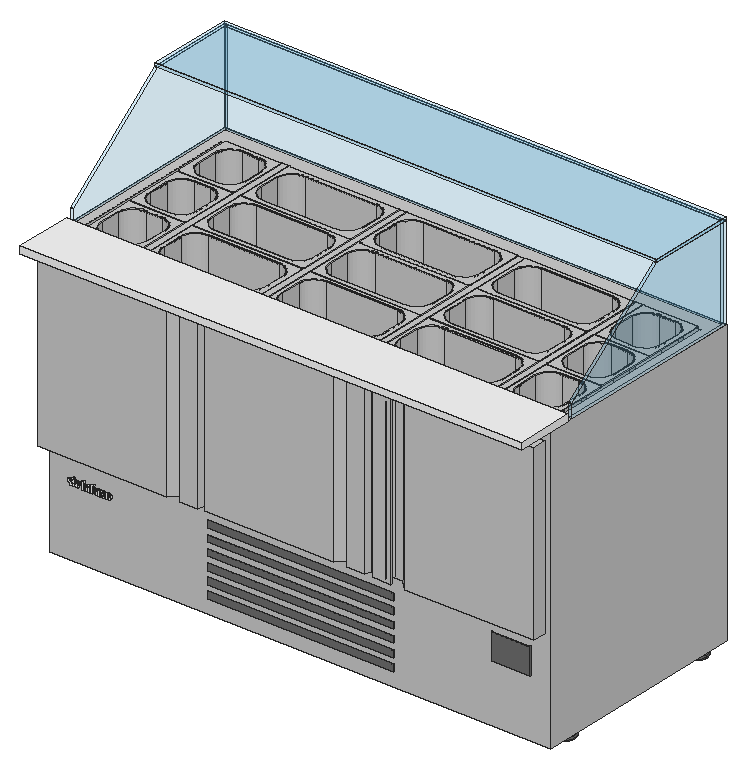
Revit family "QF_INFRICO_ME1003KB_250813092744", category Specialty Equipment, Revit 2021
Family settings
  Round Connector Dimension = Use Diameter
  Part Type = Normal
  OmniClass Number = 23.40.40.14
  OmniClass Title = Food Service Equipment
  Work Plane-Based = No
  Always vertical = Yes
  Cut with Voids When Loaded = No
  Shared = No
  Room Calculation Point = No
Parameters (values of type "ME1003KB-R290")
  Weight [instance] = 194.00 kg
  Waste Water Discharge Temperature [instance] = 0 °C
  Waste Remarks [instance] = ""
  Warranty Start Date [instance] = ""
  Warranty Duration [instance] = ""
  Volts [instance] = 230 V
  Volt Free Conn [instance] = no
  URL Recommended Spares List [instance] = ""
  URL Manufacturer [instance] = ""
  URL Cutsheet [instance] = ""
  URL Critical Spares List [instance] = ""
  URL = "www.infrico.com"
  Technical Documentation [instance] = ""
  Tag Number [instance] = ""
  Status [instance] = ""
  Start Up Current [instance] = 0 A
  Specification by User [instance] = ""
  Specification by Manufacturer [instance] = ""
  Sound Level [instance] = ""
  Show Logo [instance] = yes
  Show Clearances [instance] = yes
  Service Life Duration [instance] = ""
  Serial Number [instance] = ""
  Seismic Rating [instance] = ""
  SMACNA No [instance] = ""
  Revision Code [instance] = ""
  Revision [instance] = ""
  Production Year [instance] = ""
  Potential Equalisation [instance] = no
  Point Load [instance] = 0
  Plumbing Connection Type [instance] = ""
  Phase [instance] = 1
  Other Equipment Approvals [instance] = ""
  Operational Current [instance] = 0 A
  Number of Poles [instance] = 2
  No Load Power Draw [instance] = no
  NAFEM Spec ID Number [instance] = ""
  Model Warning [instance] = ""
  Model = "ME1003KB"
  Min Ckt Ampacity [instance] = 0 A
  Max Overcurrent Protection [instance] = 0 A
  Masterspec [instance] = ""
  Manufacturer = "INFRICO"
  Main switch integrated [instance] = no
  Length Actual [instance] = 1460 mm
  Item Number [instance] = ""
  Installed By [instance] = ""
  Installation Date [instance] = ""
  Indirect Waste Size [instance] = 19.05 mm
  Indirect Waste Remarks [instance] = ""
  Indirect Waste Flow [instance] = 0.0 L/s
  Indirect Waste Connection Type [instance] = ""
  Indirect Waste Connection Height [instance] = 0 mm
  Identify Quantity as Lot [instance] = no
  ID [instance] = ""
  Hygiene Approval [instance] = ""
  Height Actual [instance] = 1125 mm
  HP power [instance] = ""
  Furnished By [instance] = ""
  Foodservice Equipment Identifier [instance] = no
  FL Amps [instance] = 0 A
  Electrical Remarks [instance] = ""
  Electric power [instance] = 420 W
  Electric Connection Type [instance] = ""
  Elec Conn RI Height [instance] = 0 mm
  Elec Conn Connection Height [instance] = 0 mm
  ETL Approved [instance] = no
  Direct Waste Water Discharge Temperature [instance] = -273.15 °C
  Direct Waste Size [instance] = 19.05 mm
  Direct Waste RI Height [instance] = 0 mm
  Direct Waste Flow [instance] = 0.0 L/s
  Direct Waste Connection Height [instance] = 0 mm
  Description = "GN1/1 SALAD PREP REFRIGERATOR TABLE 700 SERIES - R290"
  Depth Actual [instance] = 700 mm
  Default Elevation = 0 mm
  Cycle [instance] = 50 Hz
  Cost = 0
  Connection to energy optimisation system [instance] = yes
  Conn Plug [instance] = ""
  Conn Conduit [instance] = no
  Centralized building control system with digital interface [instance] = ""
  CSI MasterFormat [instance] = ""
  CE Approved [instance] = no
  Barcode [instance] = 0
  Author [instance] = ""
  Asset Identifier [instance] = ""
  Apparent Power [instance] = 420 VA
  Accessory [instance] = no
Reference planes
  plane 1 "Center (Front/Back)": y = 0
  plane 2: z = 0
  plane 3 "Center (Left/Right)": x = 0
Forms (mm)
  Extrusion 1, solid, not visible
    sketch origin (487.024, -150.007, 304.015) x (1, 0, 0) y (0, 1, 0)
      loop
        line (-2, 2) -> (-2, -2) -> (2, -2) -> (2, 2) -> (-2, 2)
    from -2 to 2
  Extrusion 2, solid, not visible
    sketch origin (45.002, -152.007, 286.014) x (1, 0, 0) y (0, 1, 0)
      loop
        line (-2, 2) -> (-2, -2) -> (2, -2) -> (2, 2) -> (-2, 2)
    from -2 to 2
Dimensions and locks
  locked: nested 2 to Extrusion 1 at 2  (x2)
  locked: Extrusion 2 to nested 3
  locked: nested 3 to Extrusion 2 at 2
  aligned and locked: level to plane 2
Nested families
  nested 1: "QF_INFRICO_ME1003KB_2920" at (0, 0, 0), type "ME1003KB-R290"
    with Weight 194.00 kg, Warranty Start Date "", Warranty Duration "", URL Cutsheet "", Technical Documentation "", Tag Number "", Status "", Specification by User "", Specification by Manufacturer "", Sound Level "", Solid Fuel Type "", Show Logo yes, Show Clearances yes, Show Clearance yes, Service Life Duration "", Serial Number "", Seismic Rating "", SMACNA No "", Revision Code "", Revision "", Production Year "", Point Load 0, Other Equipment Approvals "", NAFEM Spec ID Number "", Model Warning "", Masterspec "", Length Actual 1460 mm, Item Number "", Installed By "", Installation Date "", Identify Quantity as Lot yes, ID "", Hygiene Approval "", Height Actual 1125 mm, Furnished By "", Foodservice Equipment Identifier yes, ETL Approved yes, Depth Actual 700 mm, CSI MasterFormat "", CE Approved no, Barcode "", Author "", Asset Identifier "", Accessory no
  nested 2: "CONN_POINT_DRAIN_2D___Generic_Annotation" at (487.024, -150.007, 302.015), type "CONN_POINT_DRAIN_2D___Generic_Annotation"
    with Onboard connection annotation symbol visibility yes
  nested 3: "CONN_POINT_ELE_2D___Generic_Annotation" at (45.002, -150.007, 286.014), type "CONN_POINT_ELE_2D___Generic_Annotation"
    with Onboard connection annotation symbol visibility yes
  nested 4: "QF_INFRICO_ME_DOOR_SX_5419" at (10, -638, 324), type "ME_DOOR_SX"
    with Weight 0.00 kg, Warranty Start Date "", Warranty Duration "", URL Cutsheet "", Technical Documentation "", Tag Number "", Status "", Specification by User "", Specification by Manufacturer "", Sound Level "", Solid Fuel Type "", Show Logo yes, Show Clearances yes, Show Clearance yes, Service Life Duration "", Serial Number "", Seismic Rating "", SMACNA No "", Revision Code "", Revision "", Production Year "", Point Load 0, Other Equipment Approvals "", NAFEM Spec ID Number "", Model Warning "", Masterspec "", Length Actual 472 mm, Item Number "", Installed By "", Installation Date "", Identify Quantity as Lot yes, ID "", Hygiene Approval "", Height Actual 502 mm, Furnished By "", Foodservice Equipment Identifier yes, ETL Approved yes, Depth Actual 57 mm, CSI MasterFormat "", CE Approved no, Barcode "", Author "", Asset Identifier "", Accessory yes
  nested 5: "QF_INFRICO_ME_DOOR_SX_6197" at (496, -638, 324), type "ME_DOOR_SX"
    with Weight 0.00 kg, Warranty Start Date "", Warranty Duration "", URL Cutsheet "", Technical Documentation "", Tag Number "", Status "", Specification by User "", Specification by Manufacturer "", Sound Level "", Solid Fuel Type "", Show Logo yes, Show Clearances yes, Show Clearance yes, Service Life Duration "", Serial Number "", Seismic Rating "", SMACNA No "", Revision Code "", Revision "", Production Year "", Point Load 0, Other Equipment Approvals "", NAFEM Spec ID Number "", Model Warning "", Masterspec "", Length Actual 472 mm, Item Number "", Installed By "", Installation Date "", Identify Quantity as Lot yes, ID "", Hygiene Approval "", Height Actual 502 mm, Furnished By "", Foodservice Equipment Identifier yes, ETL Approved yes, Depth Actual 57 mm, CSI MasterFormat "", CE Approved no, Barcode "", Author "", Asset Identifier "", Accessory yes
  nested 6: "QF_INFRICO_ME_DOOR_DX_6971" at (982, -638, 324), type "ME_DOOR_DX"
    with Weight 0.00 kg, Warranty Start Date "", Warranty Duration "", URL Cutsheet "", Technical Documentation "", Tag Number "", Status "", Specification by User "", Specification by Manufacturer "", Sound Level "", Solid Fuel Type "", Show Logo yes, Show Clearances yes, Show Clearance yes, Service Life Duration "", Serial Number "", Seismic Rating "", SMACNA No "", Revision Code "", Revision "", Production Year "", Point Load 0, Other Equipment Approvals "", NAFEM Spec ID Number "", Model Warning "", Masterspec "", Length Actual 472 mm, Item Number "", Installed By "", Installation Date "", Identify Quantity as Lot yes, ID "", Hygiene Approval "", Height Actual 502 mm, Furnished By "", Foodservice Equipment Identifier yes, ETL Approved yes, Depth Actual 57 mm, CSI MasterFormat "", CE Approved no, Barcode "", Author "", Asset Identifier "", Accessory yes
Connectors
  piping at (487.024, -150.007, 302.015), diameter 19.05, driven by "Indirect Waste Size", driven by "Direct Waste Flow"
    settings: on Extrusion 1, index 1, connector inside diameter 609.6 mm, connector length 0 mm, flow factor 0, pipe flow 0.0 L/s, pressure drop 0.0 Pa, fitting loss kfactor 0, connector angle 0.00°, fixture units 0, engagement length 0 mm, angle of deflection 0.00°, flow configuration 1, flow direction 2, fitting loss method 0, system type 16, joint type 0, gender type 0, connector reference index -1, connector utility 0, adjustable connector no, is connector primary yes, connector description "Waste connection for ME1003KB"
  electrical at (45.002, -150.007, 286.014), driven by "Apparent Power", driven by "Number of Poles", driven by "Volts"
    settings: on Extrusion 2, index 2, voltage 230 V, apparent load 0 VA, apparent load phase1 420 VA, apparent load phase2 0 VA, apparent load phase3 0 VA, power factor 1, load classification "Other", number of poles 2, system type 31, power factor state 1, is connector primary yes, connector utility no, sub classification motor no, connector description "Electrical connection for ME1003KB"
Definition of nested family "QF_INFRICO_ME1003KB_2920"
  Parameters (values of type "ME1003KB")
    Weight [instance] = 0.00 kg
    Warranty Start Date [instance] = ""
    Warranty Duration [instance] = ""
    URL Cutsheet [instance] = ""
    URL = "www.infrico.com"
    Technical Documentation [instance] = ""
    Tag Number [instance] = ""
    Status [instance] = ""
    Specification by User [instance] = ""
    Specification by Manufacturer [instance] = ""
    Sound Level [instance] = ""
    Solid Fuel Type [instance] = ""
    Show Logo [instance] = yes
    Show Clearances [instance] = yes
    Show Clearance [instance] = yes
    Service Life Duration [instance] = ""
    Serial Number [instance] = ""
    Seismic Rating [instance] = ""
    SMACNA No [instance] = ""
    Revision Code [instance] = ""
    Revision [instance] = ""
    Production Year [instance] = ""
    Point Load [instance] = 0
    Other Equipment Approvals [instance] = ""
    NAFEM Spec ID Number [instance] = ""
    Model Warning [instance] = ""
    Model = "ME1003KB"
    Masterspec [instance] = ""
    Manufacturer = "INFRICO"
    Length Actual [instance] = 0 mm
    Item Number [instance] = ""
    Installed By [instance] = ""
    Installation Date [instance] = ""
    Identify Quantity as Lot [instance] = yes
    ID [instance] = ""
    Hygiene Approval [instance] = ""
    Height Actual [instance] = 0 mm
    Furnished By [instance] = ""
    Foodservice Equipment Identifier [instance] = yes
    ETL Approved [instance] = yes
    Description = "GN1/1 SALAD PREP REFRIGERATOR TABLE 700 SERIES - R134A"
    Depth Actual [instance] = 0 mm
    Default Elevation = 0 mm
    CSI MasterFormat [instance] = ""
    CE Approved [instance] = yes
    Barcode [instance] = ""
    Author [instance] = ""
    Asset Identifier [instance] = ""
    Assembly Code = "E1090320"
    Accessory [instance] = yes
  Types (2, lengths in mm): name | Description
    ME1003KB | "GN1/1 SALAD PREP REFRIGERATOR TABLE 700 SERIES - R134A"
    ME1003KB-R290 | "GN1/1 SALAD PREP REFRIGERATOR TABLE 700 SERIES - R290"
  Reference planes
    plane 1 "Back": y = 0
    plane 2: z = 0
    plane 3 "Left": x = 0
    plane 4 "Right": x = 1460
    plane 5 "Front": y = -700
    plane 6 "Top": z = 844
  Forms (mm)
    Revolve 1, solid
      sketch origin (29, 0.51, 0) x (0, 1, 0) y (0, 0, 1)
        loop
          line (-65.51, 19.01) -> (-65.51, 0) -> (-45.51, 0)
          arc (-45.51, 0) -> (-41.974, 1.464) -> (-40.51, 5) r 5
          line (-40.51, 5) -> (-40.51, 10) -> (-50.51, 10) -> (-50.51, 14.5) -> (-60.51, 14.5) -> (-60.51, 19.01) -> (-65.51, 19.01)
        axis (-65.51, 19.01) -> (-65.51, 0)
      angle from 0 to 360
    Revolve 2, solid
      sketch origin (29, -479.49, 0) x (0, 1, 0) y (0, 0, 1)
        loop
          line (-65.51, 19.01) -> (-65.51, 0) -> (-45.51, 0)
          arc (-45.51, 0) -> (-41.974, 1.464) -> (-40.51, 5) r 5
          line (-40.51, 5) -> (-40.51, 10) -> (-50.51, 10) -> (-50.51, 14.5) -> (-60.51, 14.5) -> (-60.51, 19.01) -> (-65.51, 19.01)
        axis (-65.51, 19.01) -> (-65.51, 0)
      angle from 0 to 360
    Revolve 3, solid
      sketch origin (1431, 0.51, 0) x (0, 1, 0) y (0, 0, 1)
        loop
          line (-65.51, 19.01) -> (-65.51, 0) -> (-45.51, 0)
          arc (-45.51, 0) -> (-41.974, 1.464) -> (-40.51, 5) r 5
          line (-40.51, 5) -> (-40.51, 10) -> (-50.51, 10) -> (-50.51, 14.5) -> (-60.51, 14.5) -> (-60.51, 19.01) -> (-65.51, 19.01)
        axis (-65.51, 19.01) -> (-65.51, 0)
      angle from 0 to 360
    Revolve 4, solid
      sketch origin (1431, -479.49, 0) x (0, 1, 0) y (0, 0, 1)
        loop
          line (-65.51, 19.01) -> (-65.51, 0) -> (-45.51, 0)
          arc (-45.51, 0) -> (-41.974, 1.464) -> (-40.51, 5) r 5
          line (-40.51, 5) -> (-40.51, 10) -> (-50.51, 10) -> (-50.51, 14.5) -> (-60.51, 14.5) -> (-60.51, 19.01) -> (-65.51, 19.01)
        axis (-65.51, 19.01) -> (-65.51, 0)
      angle from 0 to 360
    Extrusion 5, solid
      sketch origin (0, 0, 0) x (0, 1, 0) y (0, 0, 1)
        loop
          line (0, 19.01) -> (0, 49.01) -> (-150, 49.01) -> (-150, 319) -> (0, 319) -> (0, 844) -> (-55, 844) -> (-55, 689.01) -> (-571.825, 689.01) -> (-571.825, 844) -> (-638, 844) -> (-638, 19.01) -> (0, 19.01)
      from 30 to 1440
    Extrusion 6, solid
      sketch origin (-1759, -636.1, 0) x (1, 0, 0) y (0, 0, 1)
        loop
          line (2220, 263.01) -> (2220, 243.01) -> (2760, 243.01) -> (2760, 263.01) -> (2220, 263.01)
      from 0 to 2
    Extrusion 7, solid
      sketch origin (-1759, -636.1, -37) x (1, 0, 0) y (0, 0, 1)
        loop
          line (2220, 263.01) -> (2220, 243.01) -> (2760, 243.01) -> (2760, 263.01) -> (2220, 263.01)
      from 0 to 2
    Extrusion 8, solid
      sketch origin (-1759, -636.1, -74) x (1, 0, 0) y (0, 0, 1)
        loop
          line (2220, 263.01) -> (2220, 243.01) -> (2760, 243.01) -> (2760, 263.01) -> (2220, 263.01)
      from 0 to 2
    Extrusion 9, solid
      sketch origin (-1759, -636.1, -111) x (1, 0, 0) y (0, 0, 1)
        loop
          line (2220, 263.01) -> (2220, 243.01) -> (2760, 243.01) -> (2760, 263.01) -> (2220, 263.01)
      from 0 to 2
    Extrusion 10, solid
      sketch origin (-1759, -636.1, -148) x (1, 0, 0) y (0, 0, 1)
        loop
          line (2220, 263.01) -> (2220, 243.01) -> (2760, 243.01) -> (2760, 263.01) -> (2220, 263.01)
      from 0 to 2
    Extrusion 11, solid
      sketch origin (-1759, -636.1, -185) x (1, 0, 0) y (0, 0, 1)
        loop
          line (2220, 263.01) -> (2220, 243.01) -> (2760, 243.01) -> (2760, 263.01) -> (2220, 263.01)
      from 0 to 2
    Extrusion 12, solid
      sketch origin (-1518, -638, 0) x (1, 0, 0) y (0, 0, 1)
        loop
          line (2917.81, 187.81) -> (2917.81, 264.21) -> (2806.21, 264.21) -> (2806.21, 187.81) -> (2917.81, 187.81)
      from 0 to 2
    Extrusion 13, solid
      sketch origin (-2000, -1999.98, 0.1) x (0, 1, 0) y (0, 0, 1)
        loop
          line (1312.96, 842.41) -> (1312.96, 829.41) -> (1361.98, 829.41) -> (1361.98, 842.41) -> (1312.96, 842.41)
      from 2002 to 2976
    Extrusion 14, solid
      sketch origin (0, -140, 0) x (1, 0, 0) y (0, 0, 1)
        loop
          circle (45, 286) r 12.7
      from 0 to 10
    Extrusion 15, solid
      sketch origin (0, -140, 0) x (1, 0, 0) y (0, 0, 1)
        loop
          circle (487, 302) r 9.525
      from 0 to 10
    Extrusion 16, solid
      sketch origin (0, 0, 0) x (0, 1, 0) y (0, 0, 1)
        loop
          line (-638, 19.01) -> (0, 19.01) -> (0, 844) -> (-638, 844) -> (-638, 19.01)
      from 0 to 30
    Extrusion 17, solid
      sketch origin (1460, 0, 0) x (0, 1, 0) y (0, 0, -1)
        loop
          line (-638, -19.01) -> (-638, -844) -> (0, -844) -> (0, -19.01) -> (-638, -19.01)
      from 0 to 30
    Extrusion 18, solid, visible <- "Show Logo"
      sketch origin (-1108.443, -638, -480.835) x (1, 0, 0) y (0, 0, 1)
        loop
          line (1208.799, 696.53) -> (1208.799, 719.204) -> (1204.173, 719.204) -> (1204.173, 696.53) -> (1208.799, 696.53)
        loop
          line (1214.779, 713.006) -> (1211.283, 713.006) -> (1211.283, 696.53) -> (1215.772, 696.53) -> (1215.772, 707.832)
          arc (1215.772, 707.832) -> (1217.528, 708.741) -> (1219.417, 709.324) r 11.052
          arc (1219.417, 709.324) -> (1220.929, 708.961) -> (1221.598, 707.557) r 1.806
          line (1221.598, 707.557) -> (1221.598, 696.53) -> (1226.121, 696.53) -> (1226.121, 708.689)
          arc (1226.121, 708.689) -> (1224.637, 712.075) -> (1221.141, 713.281) r 4.607
          arc (1221.141, 713.281) -> (1218.282, 712.674) -> (1215.669, 711.361) r 11.435
          line (1215.669, 711.361) -> (1215.601, 712.184)
          arc (1215.601, 712.184) -> (1215.36, 712.765) -> (1214.779, 713.006) r 0.822
        loop
          line (1238.557, 720.102) -> (1237.306, 720.102)
          arc (1237.306, 720.102) -> (1235.052, 719.926) -> (1232.881, 719.297) r 11.103
          arc (1232.881, 719.297) -> (1230.805, 717.616) -> (1230.024, 715.062) r 4.567
          line (1230.024, 715.062) -> (1230.024, 712.909) -> (1227.351, 712.703) -> (1227.351, 709.374) -> (1230.024, 709.374) -> (1230.024, 696.53) -> (1234.547, 696.53) -> (1234.547, 709.374) -> (1238.249, 709.374) -> (1238.249, 712.938) -> (1234.547, 712.938) -> (1234.547, 714.548)
          arc (1234.547, 714.548) -> (1234.956, 715.705) -> (1236.045, 716.271) r 1.67
          line (1236.045, 716.271) -> (1237.7, 716.399)
          arc (1237.7, 716.399) -> (1238.306, 716.65) -> (1238.557, 717.255) r 0.857
          line (1238.557, 717.255) -> (1238.557, 720.102)
        loop
          line (1239.479, 713.006) -> (1239.479, 696.53) -> (1243.968, 696.53) -> (1243.968, 707.352)
          arc (1243.968, 707.352) -> (1245.873, 708.631) -> (1248.077, 709.268) r 7.435
          line (1248.077, 709.268) -> (1249.241, 709.416)
          arc (1249.241, 709.416) -> (1249.643, 709.758) -> (1249.793, 710.265) r 0.928
          line (1249.793, 710.265) -> (1249.793, 712.458)
          arc (1249.793, 712.458) -> (1249.531, 713.061) -> (1248.912, 713.28) r 0.824
          arc (1248.912, 713.28) -> (1246.197, 712.588) -> (1243.899, 710.984) r 7.833
          line (1243.899, 710.984) -> (1243.726, 713.006) -> (1239.479, 713.006)
        loop
          line (1255.495, 696.53) -> (1255.495, 713.006) -> (1251.006, 713.006) -> (1251.006, 696.53) -> (1255.495, 696.53)
        loop
          arc (1257.421, 701.327) -> (1258.567, 698.188) -> (1261.466, 696.525) r 4.873
          arc (1261.466, 696.525) -> (1264.493, 696.266) -> (1267.521, 696.525) r 17.816
          arc (1267.521, 696.525) -> (1270.575, 699.134) -> (1271.505, 703.041) r 6.481
          line (1271.505, 703.041) -> (1267.187, 703.041) -> (1267.187, 701.67)
          arc (1267.187, 701.67) -> (1266.64, 700.452) -> (1265.442, 699.865) r 1.965
          arc (1265.442, 699.865) -> (1264.547, 699.816) -> (1263.653, 699.865) r 8.196
          arc (1263.653, 699.865) -> (1262.417, 700.415) -> (1261.91, 701.67) r 1.806
          line (1261.91, 701.67) -> (1261.91, 707.9)
          arc (1261.91, 707.9) -> (1262.417, 709.155) -> (1263.653, 709.705) r 1.806
          arc (1263.653, 709.705) -> (1264.547, 709.754) -> (1265.442, 709.705) r 8.196
          arc (1265.442, 709.705) -> (1266.64, 709.118) -> (1267.187, 707.9) r 1.965
          line (1267.187, 707.9) -> (1267.187, 706.838) -> (1271.505, 706.838)
          arc (1271.505, 706.838) -> (1270.524, 710.556) -> (1267.521, 712.959) r 6.132
          arc (1267.521, 712.959) -> (1264.493, 713.294) -> (1261.466, 712.959) r 13.851
          arc (1261.466, 712.959) -> (1258.571, 711.349) -> (1257.421, 708.243) r 4.772
          line (1257.421, 708.243) -> (1257.421, 701.327)
        loop
          arc (1272.916, 701.329) -> (1273.993, 698.345) -> (1276.726, 696.734) r 4.676
          arc (1276.726, 696.734) -> (1278.515, 696.455) -> (1280.318, 696.291) r 28.371
          arc (1280.318, 696.291) -> (1282.122, 696.455) -> (1283.911, 696.734) r 28.371
          arc (1283.911, 696.734) -> (1286.644, 698.345) -> (1287.72, 701.329) r 4.676
          line (1287.72, 701.329) -> (1287.72, 708.242)
          arc (1287.72, 708.242) -> (1286.644, 711.226) -> (1283.911, 712.837) r 4.676
          arc (1283.911, 712.837) -> (1282.122, 713.116) -> (1280.318, 713.28) r 28.371
          arc (1280.318, 713.28) -> (1278.515, 713.116) -> (1276.726, 712.837) r 28.371
          arc (1276.726, 712.837) -> (1273.993, 711.226) -> (1272.916, 708.242) r 4.676
          line (1272.916, 708.242) -> (1272.916, 701.329)
        loop
          line (1277.405, 707.866) -> (1277.405, 701.705)
          arc (1277.405, 701.705) -> (1277.844, 700.556) -> (1278.936, 699.991) r 1.725
          arc (1278.936, 699.991) -> (1279.627, 699.918) -> (1280.318, 699.856) r 46.133
          arc (1280.318, 699.856) -> (1281.01, 699.918) -> (1281.701, 699.991) r 46.133
          arc (1281.701, 699.991) -> (1282.793, 700.556) -> (1283.231, 701.705) r 1.725
          line (1283.231, 701.705) -> (1283.231, 707.866)
          arc (1283.231, 707.866) -> (1282.793, 709.015) -> (1281.701, 709.58) r 1.725
          arc (1281.701, 709.58) -> (1281.01, 709.653) -> (1280.318, 709.716) r 46.133
          arc (1280.318, 709.716) -> (1279.627, 709.653) -> (1278.936, 709.58) r 46.133
          arc (1278.936, 709.58) -> (1277.844, 709.015) -> (1277.405, 707.866) r 1.725
        loop
          arc (1190.339, 696.543) -> (1191.411, 696.987) -> (1191.856, 698.059) r 1.516
          line (1191.856, 698.059) -> (1191.856, 703.891) -> (1196.035, 703.891)
          arc (1196.035, 703.891) -> (1196.79, 704.121) -> (1197.218, 704.782) r 1.147
          line (1197.218, 704.782) -> (1197.218, 706.211)
          arc (1197.218, 706.211) -> (1196.787, 707.258) -> (1195.719, 707.634) r 1.385
          line (1195.719, 707.634) -> (1194.52, 707.634) -> (1197.218, 710.332)
          arc (1197.218, 710.332) -> (1197.605, 711.266) -> (1197.218, 712.2) r 1.321
          line (1197.218, 712.2) -> (1196.495, 712.923)
          arc (1196.495, 712.923) -> (1195.54, 713.338) -> (1194.558, 712.991) r 1.422
          line (1194.558, 712.991) -> (1191.853, 710.286) -> (1191.853, 711.479)
          arc (1191.853, 711.479) -> (1191.443, 712.516) -> (1190.435, 712.992) r 1.516
          line (1190.435, 712.992) -> (1189.514, 712.992)
          arc (1189.514, 712.992) -> (1188.511, 712.514) -> (1188.103, 711.479) r 1.516
          line (1188.103, 711.479) -> (1188.103, 706.83) -> (1182.073, 701.336) -> (1182.073, 707.509) -> (1185.639, 711.075)
          arc (1185.639, 711.075) -> (1186.053, 712.073) -> (1185.639, 713.071) r 1.412
          line (1185.639, 713.071) -> (1184.987, 713.723)
          arc (1184.987, 713.723) -> (1183.939, 714.141) -> (1182.915, 713.667) r 1.428
          line (1182.915, 713.667) -> (1182.073, 712.825) -> (1182.073, 717.784)
          arc (1182.073, 717.784) -> (1181.658, 718.787) -> (1180.655, 719.203) r 1.418
          line (1180.655, 719.203) -> (1179.726, 719.203)
          arc (1179.726, 719.203) -> (1178.723, 718.787) -> (1178.308, 717.784) r 1.418
          line (1178.308, 717.784) -> (1178.308, 712.825) -> (1177.466, 713.667)
          arc (1177.466, 713.667) -> (1176.442, 714.141) -> (1175.394, 713.723) r 1.428
          line (1175.394, 713.723) -> (1174.742, 713.071)
          arc (1174.742, 713.071) -> (1174.328, 712.073) -> (1174.742, 711.075) r 1.412
          line (1174.742, 711.075) -> (1178.308, 707.509) -> (1178.308, 701.336) -> (1172.278, 706.83) -> (1172.278, 711.479)
          arc (1172.278, 711.479) -> (1171.87, 712.514) -> (1170.867, 712.992) r 1.516
          line (1170.867, 712.992) -> (1169.946, 712.992)
          arc (1169.946, 712.992) -> (1168.938, 712.516) -> (1168.528, 711.479) r 1.516
          line (1168.528, 711.479) -> (1168.528, 710.286) -> (1165.823, 712.991)
          arc (1165.823, 712.991) -> (1164.841, 713.338) -> (1163.886, 712.923) r 1.422
          line (1163.886, 712.923) -> (1163.163, 712.2)
          arc (1163.163, 712.2) -> (1162.776, 711.266) -> (1163.163, 710.332) r 1.321
          line (1163.163, 710.332) -> (1165.861, 707.634) -> (1164.662, 707.634)
          arc (1164.662, 707.634) -> (1163.594, 707.258) -> (1163.163, 706.211) r 1.385
          line (1163.163, 706.211) -> (1163.163, 704.782)
          arc (1163.163, 704.782) -> (1163.591, 704.121) -> (1164.346, 703.891) r 1.147
          line (1164.346, 703.891) -> (1168.525, 703.891) -> (1168.525, 698.059)
          arc (1168.525, 698.059) -> (1168.969, 696.987) -> (1170.042, 696.543) r 1.516
          line (1170.042, 696.543) -> (1190.339, 696.543)
      from 0 to 2
    Extrusion 19, solid
      sketch origin (0, -2000, 0) x (0, 1, 0) y (0, 0, 1)
        loop
          line (1437, 844) -> (2000, 844) -> (2000, 1116.03) -> (1745, 1116.03) -> (1437, 883.935) -> (1437, 844)
      from 0 to 9
    Extrusion 20, solid
      sketch origin (1451, -2000, 0) x (0, 1, 0) y (0, 0, 1)
        loop
          line (1437, 844) -> (2000, 844) -> (2000, 1116.03) -> (1745, 1116.03) -> (1437, 883.935) -> (1437, 844)
      from 0 to 9
    Extrusion 21, solid
      sketch origin (0, 0, 0) x (0, 1, 0) y (0, 0, 1)
        loop
          line (0, 844) -> (0, 1116.03) -> (-8, 1116.03) -> (-8, 844) -> (0, 844)
      from 9 to 1451
    Extrusion 22, solid
      sketch origin (0, 0, 0) x (0, 1, 0) y (0, 0, 1)
        loop
          line (0, 1116.03) -> (0, 1125.03) -> (-255, 1125.03) -> (-255, 1116.03) -> (0, 1116.03)
      from 0 to 1460
    Sweep 23, solid
      path origin (-10.438, 259.366, 949.504) x (1, 0, 0) y (0, 1, 0)
        loop
          line (62.971, -366.791) -> (62.971, -426.791)
          arc (62.971, -426.791) -> (77.03, -460.732) -> (110.971, -474.791) r 48
          line (110.971, -474.791) -> (156.971, -474.791)
          arc (156.971, -474.791) -> (190.912, -460.732) -> (204.971, -426.791) r 48
          line (204.971, -426.791) -> (204.971, -366.791)
          arc (204.971, -366.791) -> (190.912, -332.85) -> (156.971, -318.791) r 48
          line (156.971, -318.791) -> (110.971, -318.791)
          arc (110.971, -318.791) -> (77.03, -332.85) -> (62.971, -366.791) r 48
      profile origin (52.532, -137.425, 949.504) x (1, 0, 0) y (0, 0, 1)
        loop
          line (12.801, -252.7) -> (12.801, -250.7)
          arc (12.801, -250.7) -> (6.436, -248.064) -> (3.8, -241.699) r 9.001
          line (3.8, -241.699) -> (3.8, -105.504) -> (1.8, -105.504) -> (1.8, -241.699)
          arc (1.8, -241.699) -> (5.022, -249.478) -> (12.801, -252.7) r 11.001
    Extrusion 24, solid
      sketch origin (-10.438, 259.366, 696.804) x (1, 0, 0) y (0, 1, 0)
        loop
          line (75.772, -366.791) -> (75.772, -426.791)
          arc (75.772, -426.791) -> (86.081, -451.68) -> (110.971, -461.99) r 35.199
          line (110.971, -461.99) -> (156.971, -461.99)
          arc (156.971, -461.99) -> (181.86, -451.68) -> (192.17, -426.791) r 35.199
          line (192.17, -426.791) -> (192.17, -366.791)
          arc (192.17, -366.791) -> (181.86, -341.901) -> (156.971, -331.592) r 35.199
          line (156.971, -331.592) -> (110.971, -331.592)
          arc (110.971, -331.592) -> (86.081, -341.901) -> (75.772, -366.791) r 35.199
      from 0 to 2
    Extrusion 25, solid
      sketch origin (-1327.408, -3230.67, 844) x (1, 0, 0) y (0, 1, 0)
        loop
          arc (1374.941, 3181.245) -> (1371.405, 3179.781) -> (1369.941, 3176.245) r 5
          line (1369.941, 3176.245) -> (1369.941, 3010.245)
          arc (1369.941, 3010.245) -> (1371.405, 3006.71) -> (1374.941, 3005.245) r 5
          line (1374.941, 3005.245) -> (1526.941, 3005.245)
          arc (1526.941, 3005.245) -> (1530.476, 3006.71) -> (1531.941, 3010.245) r 5
          line (1531.941, 3010.245) -> (1531.941, 3176.245)
          arc (1531.941, 3176.245) -> (1530.476, 3179.781) -> (1526.941, 3181.245) r 5
          line (1526.941, 3181.245) -> (1374.941, 3181.245)
        loop
          arc (1427.941, 3169.445) -> (1395.272, 3155.914) -> (1381.741, 3123.245) r 46.2
          line (1381.741, 3123.245) -> (1381.741, 3063.245)
          arc (1381.741, 3063.245) -> (1395.272, 3030.577) -> (1427.941, 3017.045) r 46.2
          line (1427.941, 3017.045) -> (1473.941, 3017.045)
          arc (1473.941, 3017.045) -> (1506.609, 3030.577) -> (1520.141, 3063.245) r 46.2
          line (1520.141, 3063.245) -> (1520.141, 3123.245)
          arc (1520.141, 3123.245) -> (1506.609, 3155.914) -> (1473.941, 3169.445) r 46.2
          line (1473.941, 3169.445) -> (1427.941, 3169.445)
      from 0 to 2
    Sweep 26, solid
      path origin (-10.438, 83.366, 949.504) x (1, 0, 0) y (0, 1, 0)
        loop
          line (62.971, -366.791) -> (62.971, -426.791)
          arc (62.971, -426.791) -> (77.03, -460.732) -> (110.971, -474.791) r 48
          line (110.971, -474.791) -> (156.971, -474.791)
          arc (156.971, -474.791) -> (190.912, -460.732) -> (204.971, -426.791) r 48
          line (204.971, -426.791) -> (204.971, -366.791)
          arc (204.971, -366.791) -> (190.912, -332.85) -> (156.971, -318.791) r 48
          line (156.971, -318.791) -> (110.971, -318.791)
          arc (110.971, -318.791) -> (77.03, -332.85) -> (62.971, -366.791) r 48
      profile origin (52.532, -313.425, 949.504) x (1, 0, 0) y (0, 0, 1)
        loop
          line (12.801, -252.7) -> (12.801, -250.7)
          arc (12.801, -250.7) -> (6.436, -248.064) -> (3.8, -241.699) r 9.001
          line (3.8, -241.699) -> (3.8, -105.504) -> (1.8, -105.504) -> (1.8, -241.699)
          arc (1.8, -241.699) -> (5.022, -249.478) -> (12.801, -252.7) r 11.001
    Extrusion 27, solid
      sketch origin (-10.438, 83.366, 696.804) x (1, 0, 0) y (0, 1, 0)
        loop
          line (75.772, -366.791) -> (75.772, -426.791)
          arc (75.772, -426.791) -> (86.081, -451.68) -> (110.971, -461.99) r 35.199
          line (110.971, -461.99) -> (156.971, -461.99)
          arc (156.971, -461.99) -> (181.86, -451.68) -> (192.17, -426.791) r 35.199
          line (192.17, -426.791) -> (192.17, -366.791)
          arc (192.17, -366.791) -> (181.86, -341.901) -> (156.971, -331.592) r 35.199
          line (156.971, -331.592) -> (110.971, -331.592)
          arc (110.971, -331.592) -> (86.081, -341.901) -> (75.772, -366.791) r 35.199
      from 0 to 2
    Extrusion 28, solid
      sketch origin (-1327.408, -3406.67, 844) x (1, 0, 0) y (0, 1, 0)
        loop
          arc (1374.941, 3181.245) -> (1371.405, 3179.781) -> (1369.941, 3176.245) r 5
          line (1369.941, 3176.245) -> (1369.941, 3010.245)
          arc (1369.941, 3010.245) -> (1371.405, 3006.71) -> (1374.941, 3005.245) r 5
          line (1374.941, 3005.245) -> (1526.941, 3005.245)
          arc (1526.941, 3005.245) -> (1530.476, 3006.71) -> (1531.941, 3010.245) r 5
          line (1531.941, 3010.245) -> (1531.941, 3176.245)
          arc (1531.941, 3176.245) -> (1530.476, 3179.781) -> (1526.941, 3181.245) r 5
          line (1526.941, 3181.245) -> (1374.941, 3181.245)
        loop
          arc (1427.941, 3169.445) -> (1395.272, 3155.914) -> (1381.741, 3123.245) r 46.2
          line (1381.741, 3123.245) -> (1381.741, 3063.245)
          arc (1381.741, 3063.245) -> (1395.272, 3030.577) -> (1427.941, 3017.045) r 46.2
          line (1427.941, 3017.045) -> (1473.941, 3017.045)
          arc (1473.941, 3017.045) -> (1506.609, 3030.577) -> (1520.141, 3063.245) r 46.2
          line (1520.141, 3063.245) -> (1520.141, 3123.245)
          arc (1520.141, 3123.245) -> (1506.609, 3155.914) -> (1473.941, 3169.445) r 46.2
          line (1473.941, 3169.445) -> (1427.941, 3169.445)
      from 0 to 2
    Sweep 29, solid
      path origin (-10.438, -92.634, 949.504) x (1, 0, 0) y (0, 1, 0)
        loop
          line (62.971, -366.791) -> (62.971, -426.791)
          arc (62.971, -426.791) -> (77.03, -460.732) -> (110.971, -474.791) r 48
          line (110.971, -474.791) -> (156.971, -474.791)
          arc (156.971, -474.791) -> (190.912, -460.732) -> (204.971, -426.791) r 48
          line (204.971, -426.791) -> (204.971, -366.791)
          arc (204.971, -366.791) -> (190.912, -332.85) -> (156.971, -318.791) r 48
          line (156.971, -318.791) -> (110.971, -318.791)
          arc (110.971, -318.791) -> (77.03, -332.85) -> (62.971, -366.791) r 48
      profile origin (52.532, -489.425, 949.504) x (1, 0, 0) y (0, 0, 1)
        loop
          line (12.801, -252.7) -> (12.801, -250.7)
          arc (12.801, -250.7) -> (6.436, -248.064) -> (3.8, -241.699) r 9.001
          line (3.8, -241.699) -> (3.8, -105.504) -> (1.8, -105.504) -> (1.8, -241.699)
          arc (1.8, -241.699) -> (5.022, -249.478) -> (12.801, -252.7) r 11.001
    Extrusion 30, solid
      sketch origin (-10.438, -92.634, 696.804) x (1, 0, 0) y (0, 1, 0)
        loop
          line (75.772, -366.791) -> (75.772, -426.791)
          arc (75.772, -426.791) -> (86.081, -451.68) -> (110.971, -461.99) r 35.199
          line (110.971, -461.99) -> (156.971, -461.99)
          arc (156.971, -461.99) -> (181.86, -451.68) -> (192.17, -426.791) r 35.199
          line (192.17, -426.791) -> (192.17, -366.791)
          arc (192.17, -366.791) -> (181.86, -341.901) -> (156.971, -331.592) r 35.199
          line (156.971, -331.592) -> (110.971, -331.592)
          arc (110.971, -331.592) -> (86.081, -341.901) -> (75.772, -366.791) r 35.199
      from 0 to 2
    Extrusion 31, solid
      sketch origin (-1327.408, -3582.67, 844) x (1, 0, 0) y (0, 1, 0)
        loop
          arc (1374.941, 3181.245) -> (1371.405, 3179.781) -> (1369.941, 3176.245) r 5
          line (1369.941, 3176.245) -> (1369.941, 3010.245)
          arc (1369.941, 3010.245) -> (1371.405, 3006.71) -> (1374.941, 3005.245) r 5
          line (1374.941, 3005.245) -> (1526.941, 3005.245)
          arc (1526.941, 3005.245) -> (1530.476, 3006.71) -> (1531.941, 3010.245) r 5
          line (1531.941, 3010.245) -> (1531.941, 3176.245)
          arc (1531.941, 3176.245) -> (1530.476, 3179.781) -> (1526.941, 3181.245) r 5
          line (1526.941, 3181.245) -> (1374.941, 3181.245)
        loop
          arc (1427.941, 3169.445) -> (1395.272, 3155.914) -> (1381.741, 3123.245) r 46.2
          line (1381.741, 3123.245) -> (1381.741, 3063.245)
          arc (1381.741, 3063.245) -> (1395.272, 3030.577) -> (1427.941, 3017.045) r 46.2
          line (1427.941, 3017.045) -> (1473.941, 3017.045)
          arc (1473.941, 3017.045) -> (1506.609, 3030.577) -> (1520.141, 3063.245) r 46.2
          line (1520.141, 3063.245) -> (1520.141, 3123.245)
          arc (1520.141, 3123.245) -> (1506.609, 3155.914) -> (1473.941, 3169.445) r 46.2
          line (1473.941, 3169.445) -> (1427.941, 3169.445)
      from 0 to 2
    Sweep 32, solid
      path origin (170.962, 83.366, 949.504) x (1, 0, 0) y (0, 1, 0)
        loop
          line (62.971, -366.791) -> (62.971, -426.791)
          arc (62.971, -426.791) -> (77.03, -460.732) -> (110.971, -474.791) r 48
          line (110.971, -474.791) -> (317.671, -474.791)
          arc (317.671, -474.791) -> (351.612, -460.732) -> (365.671, -426.791) r 48
          line (365.671, -426.791) -> (365.671, -366.791)
          arc (365.671, -366.791) -> (351.612, -332.85) -> (317.671, -318.791) r 48
          line (317.671, -318.791) -> (110.971, -318.791)
          arc (110.971, -318.791) -> (77.03, -332.85) -> (62.971, -366.791) r 48
      profile origin (233.932, -313.425, 949.504) x (1, 0, 0) y (0, 0, 1)
        loop
          line (12.801, -252.7) -> (12.801, -250.7)
          arc (12.801, -250.7) -> (6.436, -248.064) -> (3.8, -241.699) r 9.001
          line (3.8, -241.699) -> (3.8, -105.504) -> (1.8, -105.504) -> (1.8, -241.699)
          arc (1.8, -241.699) -> (5.022, -249.478) -> (12.801, -252.7) r 11.001
    Extrusion 33, solid
      sketch origin (170.962, 83.366, 696.804) x (1, 0, 0) y (0, 1, 0)
        loop
          line (75.772, -366.791) -> (75.772, -426.791)
          arc (75.772, -426.791) -> (86.081, -451.68) -> (110.971, -461.99) r 35.199
          line (110.971, -461.99) -> (317.671, -461.99)
          arc (317.671, -461.99) -> (342.56, -451.68) -> (352.87, -426.791) r 35.199
          line (352.87, -426.791) -> (352.87, -366.791)
          arc (352.87, -366.791) -> (342.56, -341.901) -> (317.671, -331.592) r 35.199
          line (317.671, -331.592) -> (110.971, -331.592)
          arc (110.971, -331.592) -> (86.081, -341.901) -> (75.772, -366.791) r 35.199
      from 0 to 2
    Extrusion 34, solid
      sketch origin (-1146.008, -3406.67, 844) x (1, 0, 0) y (0, 1, 0)
        loop
          arc (1374.941, 3181.245) -> (1371.405, 3179.781) -> (1369.941, 3176.245) r 5
          line (1369.941, 3176.245) -> (1369.941, 3010.245)
          arc (1369.941, 3010.245) -> (1371.405, 3006.71) -> (1374.941, 3005.245) r 5
          line (1374.941, 3005.245) -> (1689.441, 3005.245)
          arc (1689.441, 3005.245) -> (1692.976, 3006.71) -> (1694.441, 3010.245) r 5
          line (1694.441, 3010.245) -> (1694.441, 3176.245)
          arc (1694.441, 3176.245) -> (1692.976, 3179.781) -> (1689.441, 3181.245) r 5
          line (1689.441, 3181.245) -> (1374.941, 3181.245)
        loop
          arc (1427.941, 3169.445) -> (1395.272, 3155.914) -> (1381.741, 3123.245) r 46.2
          line (1381.741, 3123.245) -> (1381.741, 3063.245)
          arc (1381.741, 3063.245) -> (1395.272, 3030.577) -> (1427.941, 3017.045) r 46.2
          line (1427.941, 3017.045) -> (1634.641, 3017.045)
          arc (1634.641, 3017.045) -> (1667.309, 3030.577) -> (1680.841, 3063.245) r 46.2
          line (1680.841, 3063.245) -> (1680.841, 3123.245)
          arc (1680.841, 3123.245) -> (1667.309, 3155.914) -> (1634.641, 3169.445) r 46.2
          line (1634.641, 3169.445) -> (1427.941, 3169.445)
      from 0 to 2
    Sweep 35, solid
      path origin (170.962, -92.634, 949.504) x (1, 0, 0) y (0, 1, 0)
        loop
          line (62.971, -366.791) -> (62.971, -426.791)
          arc (62.971, -426.791) -> (77.03, -460.732) -> (110.971, -474.791) r 48
          line (110.971, -474.791) -> (317.671, -474.791)
          arc (317.671, -474.791) -> (351.612, -460.732) -> (365.671, -426.791) r 48
          line (365.671, -426.791) -> (365.671, -366.791)
          arc (365.671, -366.791) -> (351.612, -332.85) -> (317.671, -318.791) r 48
          line (317.671, -318.791) -> (110.971, -318.791)
          arc (110.971, -318.791) -> (77.03, -332.85) -> (62.971, -366.791) r 48
      profile origin (233.932, -489.425, 949.504) x (1, 0, 0) y (0, 0, 1)
        loop
          line (12.801, -252.7) -> (12.801, -250.7)
          arc (12.801, -250.7) -> (6.436, -248.064) -> (3.8, -241.699) r 9.001
          line (3.8, -241.699) -> (3.8, -105.504) -> (1.8, -105.504) -> (1.8, -241.699)
          arc (1.8, -241.699) -> (5.022, -249.478) -> (12.801, -252.7) r 11.001
    Extrusion 36, solid
      sketch origin (170.962, -92.634, 696.804) x (1, 0, 0) y (0, 1, 0)
        loop
          line (75.772, -366.791) -> (75.772, -426.791)
          arc (75.772, -426.791) -> (86.081, -451.68) -> (110.971, -461.99) r 35.199
          line (110.971, -461.99) -> (317.671, -461.99)
          arc (317.671, -461.99) -> (342.56, -451.68) -> (352.87, -426.791) r 35.199
          line (352.87, -426.791) -> (352.87, -366.791)
          arc (352.87, -366.791) -> (342.56, -341.901) -> (317.671, -331.592) r 35.199
          line (317.671, -331.592) -> (110.971, -331.592)
          arc (110.971, -331.592) -> (86.081, -341.901) -> (75.772, -366.791) r 35.199
      from 0 to 2
    Extrusion 37, solid
      sketch origin (-1146.008, -3582.67, 844) x (1, 0, 0) y (0, 1, 0)
        loop
          arc (1374.941, 3181.245) -> (1371.405, 3179.781) -> (1369.941, 3176.245) r 5
          line (1369.941, 3176.245) -> (1369.941, 3010.245)
          arc (1369.941, 3010.245) -> (1371.405, 3006.71) -> (1374.941, 3005.245) r 5
          line (1374.941, 3005.245) -> (1689.441, 3005.245)
          arc (1689.441, 3005.245) -> (1692.976, 3006.71) -> (1694.441, 3010.245) r 5
          line (1694.441, 3010.245) -> (1694.441, 3176.245)
          arc (1694.441, 3176.245) -> (1692.976, 3179.781) -> (1689.441, 3181.245) r 5
          line (1689.441, 3181.245) -> (1374.941, 3181.245)
        loop
          arc (1427.941, 3169.445) -> (1395.272, 3155.914) -> (1381.741, 3123.245) r 46.2
          line (1381.741, 3123.245) -> (1381.741, 3063.245)
          arc (1381.741, 3063.245) -> (1395.272, 3030.577) -> (1427.941, 3017.045) r 46.2
          line (1427.941, 3017.045) -> (1634.641, 3017.045)
          arc (1634.641, 3017.045) -> (1667.309, 3030.577) -> (1680.841, 3063.245) r 46.2
          line (1680.841, 3063.245) -> (1680.841, 3123.245)
          arc (1680.841, 3123.245) -> (1667.309, 3155.914) -> (1634.641, 3169.445) r 46.2
          line (1634.641, 3169.445) -> (1427.941, 3169.445)
      from 0 to 2
    Sweep 38, solid
      path origin (170.962, 259.366, 949.504) x (1, 0, 0) y (0, 1, 0)
        loop
          line (62.971, -366.791) -> (62.971, -426.791)
          arc (62.971, -426.791) -> (77.03, -460.732) -> (110.971, -474.791) r 48
          line (110.971, -474.791) -> (317.671, -474.791)
          arc (317.671, -474.791) -> (351.612, -460.732) -> (365.671, -426.791) r 48
          line (365.671, -426.791) -> (365.671, -366.791)
          arc (365.671, -366.791) -> (351.612, -332.85) -> (317.671, -318.791) r 48
          line (317.671, -318.791) -> (110.971, -318.791)
          arc (110.971, -318.791) -> (77.03, -332.85) -> (62.971, -366.791) r 48
      profile origin (233.932, -137.425, 949.504) x (1, 0, 0) y (0, 0, 1)
        loop
          line (12.801, -252.7) -> (12.801, -250.7)
          arc (12.801, -250.7) -> (6.436, -248.064) -> (3.8, -241.699) r 9.001
          line (3.8, -241.699) -> (3.8, -105.504) -> (1.8, -105.504) -> (1.8, -241.699)
          arc (1.8, -241.699) -> (5.022, -249.478) -> (12.801, -252.7) r 11.001
    Extrusion 39, solid
      sketch origin (170.962, 259.366, 696.804) x (1, 0, 0) y (0, 1, 0)
        loop
          line (75.772, -366.791) -> (75.772, -426.791)
          arc (75.772, -426.791) -> (86.081, -451.68) -> (110.971, -461.99) r 35.199
          line (110.971, -461.99) -> (317.671, -461.99)
          arc (317.671, -461.99) -> (342.56, -451.68) -> (352.87, -426.791) r 35.199
          line (352.87, -426.791) -> (352.87, -366.791)
          arc (352.87, -366.791) -> (342.56, -341.901) -> (317.671, -331.592) r 35.199
          line (317.671, -331.592) -> (110.971, -331.592)
          arc (110.971, -331.592) -> (86.081, -341.901) -> (75.772, -366.791) r 35.199
      from 0 to 2
    Extrusion 40, solid
      sketch origin (-1146.008, -3230.67, 844) x (1, 0, 0) y (0, 1, 0)
        loop
          arc (1374.941, 3181.245) -> (1371.405, 3179.781) -> (1369.941, 3176.245) r 5
          line (1369.941, 3176.245) -> (1369.941, 3010.245)
          arc (1369.941, 3010.245) -> (1371.405, 3006.71) -> (1374.941, 3005.245) r 5
          line (1374.941, 3005.245) -> (1689.441, 3005.245)
          arc (1689.441, 3005.245) -> (1692.976, 3006.71) -> (1694.441, 3010.245) r 5
          line (1694.441, 3010.245) -> (1694.441, 3176.245)
          arc (1694.441, 3176.245) -> (1692.976, 3179.781) -> (1689.441, 3181.245) r 5
          line (1689.441, 3181.245) -> (1374.941, 3181.245)
        loop
          arc (1427.941, 3169.445) -> (1395.272, 3155.914) -> (1381.741, 3123.245) r 46.2
          line (1381.741, 3123.245) -> (1381.741, 3063.245)
          arc (1381.741, 3063.245) -> (1395.272, 3030.577) -> (1427.941, 3017.045) r 46.2
          line (1427.941, 3017.045) -> (1634.641, 3017.045)
          arc (1634.641, 3017.045) -> (1667.309, 3030.577) -> (1680.841, 3063.245) r 46.2
          line (1680.841, 3063.245) -> (1680.841, 3123.245)
          arc (1680.841, 3123.245) -> (1667.309, 3155.914) -> (1634.641, 3169.445) r 46.2
          line (1634.641, 3169.445) -> (1427.941, 3169.445)
      from 0 to 2
    Sweep 41, solid
      path origin (514.862, 83.366, 949.504) x (1, 0, 0) y (0, 1, 0)
        loop
          line (62.971, -366.791) -> (62.971, -426.791)
          arc (62.971, -426.791) -> (77.03, -460.732) -> (110.971, -474.791) r 48
          line (110.971, -474.791) -> (317.671, -474.791)
          arc (317.671, -474.791) -> (351.612, -460.732) -> (365.671, -426.791) r 48
          line (365.671, -426.791) -> (365.671, -366.791)
          arc (365.671, -366.791) -> (351.612, -332.85) -> (317.671, -318.791) r 48
          line (317.671, -318.791) -> (110.971, -318.791)
          arc (110.971, -318.791) -> (77.03, -332.85) -> (62.971, -366.791) r 48
      profile origin (577.832, -313.425, 949.504) x (1, 0, 0) y (0, 0, 1)
        loop
          line (12.801, -252.7) -> (12.801, -250.7)
          arc (12.801, -250.7) -> (6.436, -248.064) -> (3.8, -241.699) r 9.001
          line (3.8, -241.699) -> (3.8, -105.504) -> (1.8, -105.504) -> (1.8, -241.699)
          arc (1.8, -241.699) -> (5.022, -249.478) -> (12.801, -252.7) r 11.001
    Extrusion 42, solid
      sketch origin (514.862, 83.366, 696.804) x (1, 0, 0) y (0, 1, 0)
        loop
          line (75.772, -366.791) -> (75.772, -426.791)
          arc (75.772, -426.791) -> (86.081, -451.68) -> (110.971, -461.99) r 35.199
          line (110.971, -461.99) -> (317.671, -461.99)
          arc (317.671, -461.99) -> (342.56, -451.68) -> (352.87, -426.791) r 35.199
          line (352.87, -426.791) -> (352.87, -366.791)
          arc (352.87, -366.791) -> (342.56, -341.901) -> (317.671, -331.592) r 35.199
          line (317.671, -331.592) -> (110.971, -331.592)
          arc (110.971, -331.592) -> (86.081, -341.901) -> (75.772, -366.791) r 35.199
      from 0 to 2
    Extrusion 43, solid
      sketch origin (-802.108, -3406.67, 844) x (1, 0, 0) y (0, 1, 0)
        loop
          arc (1374.941, 3181.245) -> (1371.405, 3179.781) -> (1369.941, 3176.245) r 5
          line (1369.941, 3176.245) -> (1369.941, 3010.245)
          arc (1369.941, 3010.245) -> (1371.405, 3006.71) -> (1374.941, 3005.245) r 5
          line (1374.941, 3005.245) -> (1689.441, 3005.245)
          arc (1689.441, 3005.245) -> (1692.976, 3006.71) -> (1694.441, 3010.245) r 5
          line (1694.441, 3010.245) -> (1694.441, 3176.245)
          arc (1694.441, 3176.245) -> (1692.976, 3179.781) -> (1689.441, 3181.245) r 5
          line (1689.441, 3181.245) -> (1374.941, 3181.245)
        loop
          arc (1427.941, 3169.445) -> (1395.272, 3155.914) -> (1381.741, 3123.245) r 46.2
          line (1381.741, 3123.245) -> (1381.741, 3063.245)
          arc (1381.741, 3063.245) -> (1395.272, 3030.577) -> (1427.941, 3017.045) r 46.2
          line (1427.941, 3017.045) -> (1634.641, 3017.045)
          arc (1634.641, 3017.045) -> (1667.309, 3030.577) -> (1680.841, 3063.245) r 46.2
          line (1680.841, 3063.245) -> (1680.841, 3123.245)
          arc (1680.841, 3123.245) -> (1667.309, 3155.914) -> (1634.641, 3169.445) r 46.2
          line (1634.641, 3169.445) -> (1427.941, 3169.445)
      from 0 to 2
    Sweep 44, solid
      path origin (514.862, -92.634, 949.504) x (1, 0, 0) y (0, 1, 0)
        loop
          line (62.971, -366.791) -> (62.971, -426.791)
          arc (62.971, -426.791) -> (77.03, -460.732) -> (110.971, -474.791) r 48
          line (110.971, -474.791) -> (317.671, -474.791)
          arc (317.671, -474.791) -> (351.612, -460.732) -> (365.671, -426.791) r 48
          line (365.671, -426.791) -> (365.671, -366.791)
          arc (365.671, -366.791) -> (351.612, -332.85) -> (317.671, -318.791) r 48
          line (317.671, -318.791) -> (110.971, -318.791)
          arc (110.971, -318.791) -> (77.03, -332.85) -> (62.971, -366.791) r 48
      profile origin (577.832, -489.425, 949.504) x (1, 0, 0) y (0, 0, 1)
        loop
          line (12.801, -252.7) -> (12.801, -250.7)
          arc (12.801, -250.7) -> (6.436, -248.064) -> (3.8, -241.699) r 9.001
          line (3.8, -241.699) -> (3.8, -105.504) -> (1.8, -105.504) -> (1.8, -241.699)
          arc (1.8, -241.699) -> (5.022, -249.478) -> (12.801, -252.7) r 11.001
    Extrusion 45, solid
      sketch origin (514.862, -92.634, 696.804) x (1, 0, 0) y (0, 1, 0)
        loop
          line (75.772, -366.791) -> (75.772, -426.791)
          arc (75.772, -426.791) -> (86.081, -451.68) -> (110.971, -461.99) r 35.199
          line (110.971, -461.99) -> (317.671, -461.99)
          arc (317.671, -461.99) -> (342.56, -451.68) -> (352.87, -426.791) r 35.199
          line (352.87, -426.791) -> (352.87, -366.791)
          arc (352.87, -366.791) -> (342.56, -341.901) -> (317.671, -331.592) r 35.199
          line (317.671, -331.592) -> (110.971, -331.592)
          arc (110.971, -331.592) -> (86.081, -341.901) -> (75.772, -366.791) r 35.199
      from 0 to 2
    Extrusion 46, solid
      sketch origin (-802.108, -3582.67, 844) x (1, 0, 0) y (0, 1, 0)
        loop
          arc (1374.941, 3181.245) -> (1371.405, 3179.781) -> (1369.941, 3176.245) r 5
          line (1369.941, 3176.245) -> (1369.941, 3010.245)
          arc (1369.941, 3010.245) -> (1371.405, 3006.71) -> (1374.941, 3005.245) r 5
          line (1374.941, 3005.245) -> (1689.441, 3005.245)
          arc (1689.441, 3005.245) -> (1692.976, 3006.71) -> (1694.441, 3010.245) r 5
          line (1694.441, 3010.245) -> (1694.441, 3176.245)
          arc (1694.441, 3176.245) -> (1692.976, 3179.781) -> (1689.441, 3181.245) r 5
          line (1689.441, 3181.245) -> (1374.941, 3181.245)
        loop
          arc (1427.941, 3169.445) -> (1395.272, 3155.914) -> (1381.741, 3123.245) r 46.2
          line (1381.741, 3123.245) -> (1381.741, 3063.245)
          arc (1381.741, 3063.245) -> (1395.272, 3030.577) -> (1427.941, 3017.045) r 46.2
          line (1427.941, 3017.045) -> (1634.641, 3017.045)
          arc (1634.641, 3017.045) -> (1667.309, 3030.577) -> (1680.841, 3063.245) r 46.2
          line (1680.841, 3063.245) -> (1680.841, 3123.245)
          arc (1680.841, 3123.245) -> (1667.309, 3155.914) -> (1634.641, 3169.445) r 46.2
          line (1634.641, 3169.445) -> (1427.941, 3169.445)
      from 0 to 2
    Sweep 47, solid
      path origin (514.862, 259.366, 949.504) x (1, 0, 0) y (0, 1, 0)
        loop
          line (62.971, -366.791) -> (62.971, -426.791)
          arc (62.971, -426.791) -> (77.03, -460.732) -> (110.971, -474.791) r 48
          line (110.971, -474.791) -> (317.671, -474.791)
          arc (317.671, -474.791) -> (351.612, -460.732) -> (365.671, -426.791) r 48
          line (365.671, -426.791) -> (365.671, -366.791)
          arc (365.671, -366.791) -> (351.612, -332.85) -> (317.671, -318.791) r 48
          line (317.671, -318.791) -> (110.971, -318.791)
          arc (110.971, -318.791) -> (77.03, -332.85) -> (62.971, -366.791) r 48
      profile origin (577.832, -137.425, 949.504) x (1, 0, 0) y (0, 0, 1)
        loop
          line (12.801, -252.7) -> (12.801, -250.7)
          arc (12.801, -250.7) -> (6.436, -248.064) -> (3.8, -241.699) r 9.001
          line (3.8, -241.699) -> (3.8, -105.504) -> (1.8, -105.504) -> (1.8, -241.699)
          arc (1.8, -241.699) -> (5.022, -249.478) -> (12.801, -252.7) r 11.001
    Extrusion 48, solid
      sketch origin (514.862, 259.366, 696.804) x (1, 0, 0) y (0, 1, 0)
        loop
          line (75.772, -366.791) -> (75.772, -426.791)
          arc (75.772, -426.791) -> (86.081, -451.68) -> (110.971, -461.99) r 35.199
          line (110.971, -461.99) -> (317.671, -461.99)
          arc (317.671, -461.99) -> (342.56, -451.68) -> (352.87, -426.791) r 35.199
          line (352.87, -426.791) -> (352.87, -366.791)
          arc (352.87, -366.791) -> (342.56, -341.901) -> (317.671, -331.592) r 35.199
          line (317.671, -331.592) -> (110.971, -331.592)
          arc (110.971, -331.592) -> (86.081, -341.901) -> (75.772, -366.791) r 35.199
      from 0 to 2
    Extrusion 49, solid
      sketch origin (-802.108, -3230.67, 844) x (1, 0, 0) y (0, 1, 0)
        loop
          arc (1374.941, 3181.245) -> (1371.405, 3179.781) -> (1369.941, 3176.245) r 5
          line (1369.941, 3176.245) -> (1369.941, 3010.245)
          arc (1369.941, 3010.245) -> (1371.405, 3006.71) -> (1374.941, 3005.245) r 5
          line (1374.941, 3005.245) -> (1689.441, 3005.245)
          arc (1689.441, 3005.245) -> (1692.976, 3006.71) -> (1694.441, 3010.245) r 5
          line (1694.441, 3010.245) -> (1694.441, 3176.245)
          arc (1694.441, 3176.245) -> (1692.976, 3179.781) -> (1689.441, 3181.245) r 5
          line (1689.441, 3181.245) -> (1374.941, 3181.245)
        loop
          arc (1427.941, 3169.445) -> (1395.272, 3155.914) -> (1381.741, 3123.245) r 46.2
          line (1381.741, 3123.245) -> (1381.741, 3063.245)
          arc (1381.741, 3063.245) -> (1395.272, 3030.577) -> (1427.941, 3017.045) r 46.2
          line (1427.941, 3017.045) -> (1634.641, 3017.045)
          arc (1634.641, 3017.045) -> (1667.309, 3030.577) -> (1680.841, 3063.245) r 46.2
          line (1680.841, 3063.245) -> (1680.841, 3123.245)
          arc (1680.841, 3123.245) -> (1667.309, 3155.914) -> (1634.641, 3169.445) r 46.2
          line (1634.641, 3169.445) -> (1427.941, 3169.445)
      from 0 to 2
    Extrusion 50, solid
      sketch origin (-2.5, 0, 2) x (1, 0, 0) y (0, 0, 1)
        loop
          line (207.032, 844) -> (207.032, 842) -> (226.432, 842) -> (226.432, 844) -> (207.032, 844)
      from 49.425 to 577.425
    Extrusion 51, solid
      sketch origin (0, -2000, 0) x (0, 1, 0) y (0, 0, 1)
        loop
          line (1253.506, 844) -> (1423.506, 844) -> (1423.506, 864) -> (1253.506, 864) -> (1253.506, 844)
      from 0 to 1460
    Sweep 52, solid
      path origin (858.762, 83.366, 949.504) x (1, 0, 0) y (0, 1, 0)
        loop
          line (62.971, -366.791) -> (62.971, -426.791)
          arc (62.971, -426.791) -> (77.03, -460.732) -> (110.971, -474.791) r 48
          line (110.971, -474.791) -> (317.671, -474.791)
          arc (317.671, -474.791) -> (351.612, -460.732) -> (365.671, -426.791) r 48
          line (365.671, -426.791) -> (365.671, -366.791)
          arc (365.671, -366.791) -> (351.612, -332.85) -> (317.671, -318.791) r 48
          line (317.671, -318.791) -> (110.971, -318.791)
          arc (110.971, -318.791) -> (77.03, -332.85) -> (62.971, -366.791) r 48
      profile origin (921.732, -313.425, 949.504) x (1, 0, 0) y (0, 0, 1)
        loop
          line (12.801, -252.7) -> (12.801, -250.7)
          arc (12.801, -250.7) -> (6.436, -248.064) -> (3.8, -241.699) r 9.001
          line (3.8, -241.699) -> (3.8, -105.504) -> (1.8, -105.504) -> (1.8, -241.699)
          arc (1.8, -241.699) -> (5.022, -249.478) -> (12.801, -252.7) r 11.001
    Extrusion 53, solid
      sketch origin (858.762, 83.366, 696.804) x (1, 0, 0) y (0, 1, 0)
        loop
          line (75.772, -366.791) -> (75.772, -426.791)
          arc (75.772, -426.791) -> (86.081, -451.68) -> (110.971, -461.99) r 35.199
          line (110.971, -461.99) -> (317.671, -461.99)
          arc (317.671, -461.99) -> (342.56, -451.68) -> (352.87, -426.791) r 35.199
          line (352.87, -426.791) -> (352.87, -366.791)
          arc (352.87, -366.791) -> (342.56, -341.901) -> (317.671, -331.592) r 35.199
          line (317.671, -331.592) -> (110.971, -331.592)
          arc (110.971, -331.592) -> (86.081, -341.901) -> (75.772, -366.791) r 35.199
      from 0 to 2
    Extrusion 54, solid
      sketch origin (-458.208, -3406.67, 844) x (1, 0, 0) y (0, 1, 0)
        loop
          arc (1374.941, 3181.245) -> (1371.405, 3179.781) -> (1369.941, 3176.245) r 5
          line (1369.941, 3176.245) -> (1369.941, 3010.245)
          arc (1369.941, 3010.245) -> (1371.405, 3006.71) -> (1374.941, 3005.245) r 5
          line (1374.941, 3005.245) -> (1689.441, 3005.245)
          arc (1689.441, 3005.245) -> (1692.976, 3006.71) -> (1694.441, 3010.245) r 5
          line (1694.441, 3010.245) -> (1694.441, 3176.245)
          arc (1694.441, 3176.245) -> (1692.976, 3179.781) -> (1689.441, 3181.245) r 5
          line (1689.441, 3181.245) -> (1374.941, 3181.245)
        loop
          arc (1427.941, 3169.445) -> (1395.272, 3155.914) -> (1381.741, 3123.245) r 46.2
          line (1381.741, 3123.245) -> (1381.741, 3063.245)
          arc (1381.741, 3063.245) -> (1395.272, 3030.577) -> (1427.941, 3017.045) r 46.2
          line (1427.941, 3017.045) -> (1634.641, 3017.045)
          arc (1634.641, 3017.045) -> (1667.309, 3030.577) -> (1680.841, 3063.245) r 46.2
          line (1680.841, 3063.245) -> (1680.841, 3123.245)
          arc (1680.841, 3123.245) -> (1667.309, 3155.914) -> (1634.641, 3169.445) r 46.2
          line (1634.641, 3169.445) -> (1427.941, 3169.445)
      from 0 to 2
    Sweep 55, solid
      path origin (858.762, -92.634, 949.504) x (1, 0, 0) y (0, 1, 0)
        loop
          line (62.971, -366.791) -> (62.971, -426.791)
          arc (62.971, -426.791) -> (77.03, -460.732) -> (110.971, -474.791) r 48
          line (110.971, -474.791) -> (317.671, -474.791)
          arc (317.671, -474.791) -> (351.612, -460.732) -> (365.671, -426.791) r 48
          line (365.671, -426.791) -> (365.671, -366.791)
          arc (365.671, -366.791) -> (351.612, -332.85) -> (317.671, -318.791) r 48
          line (317.671, -318.791) -> (110.971, -318.791)
          arc (110.971, -318.791) -> (77.03, -332.85) -> (62.971, -366.791) r 48
      profile origin (921.732, -489.425, 949.504) x (1, 0, 0) y (0, 0, 1)
        loop
          line (12.801, -252.7) -> (12.801, -250.7)
          arc (12.801, -250.7) -> (6.436, -248.064) -> (3.8, -241.699) r 9.001
          line (3.8, -241.699) -> (3.8, -105.504) -> (1.8, -105.504) -> (1.8, -241.699)
          arc (1.8, -241.699) -> (5.022, -249.478) -> (12.801, -252.7) r 11.001
    Extrusion 56, solid
      sketch origin (858.762, -92.634, 696.804) x (1, 0, 0) y (0, 1, 0)
        loop
          line (75.772, -366.791) -> (75.772, -426.791)
          arc (75.772, -426.791) -> (86.081, -451.68) -> (110.971, -461.99) r 35.199
          line (110.971, -461.99) -> (317.671, -461.99)
          arc (317.671, -461.99) -> (342.56, -451.68) -> (352.87, -426.791) r 35.199
          line (352.87, -426.791) -> (352.87, -366.791)
          arc (352.87, -366.791) -> (342.56, -341.901) -> (317.671, -331.592) r 35.199
          line (317.671, -331.592) -> (110.971, -331.592)
          arc (110.971, -331.592) -> (86.081, -341.901) -> (75.772, -366.791) r 35.199
      from 0 to 2
    Extrusion 57, solid
      sketch origin (-458.208, -3582.67, 844) x (1, 0, 0) y (0, 1, 0)
        loop
          arc (1374.941, 3181.245) -> (1371.405, 3179.781) -> (1369.941, 3176.245) r 5
          line (1369.941, 3176.245) -> (1369.941, 3010.245)
          arc (1369.941, 3010.245) -> (1371.405, 3006.71) -> (1374.941, 3005.245) r 5
          line (1374.941, 3005.245) -> (1689.441, 3005.245)
          arc (1689.441, 3005.245) -> (1692.976, 3006.71) -> (1694.441, 3010.245) r 5
          line (1694.441, 3010.245) -> (1694.441, 3176.245)
          arc (1694.441, 3176.245) -> (1692.976, 3179.781) -> (1689.441, 3181.245) r 5
          line (1689.441, 3181.245) -> (1374.941, 3181.245)
        loop
          arc (1427.941, 3169.445) -> (1395.272, 3155.914) -> (1381.741, 3123.245) r 46.2
          line (1381.741, 3123.245) -> (1381.741, 3063.245)
          arc (1381.741, 3063.245) -> (1395.272, 3030.577) -> (1427.941, 3017.045) r 46.2
